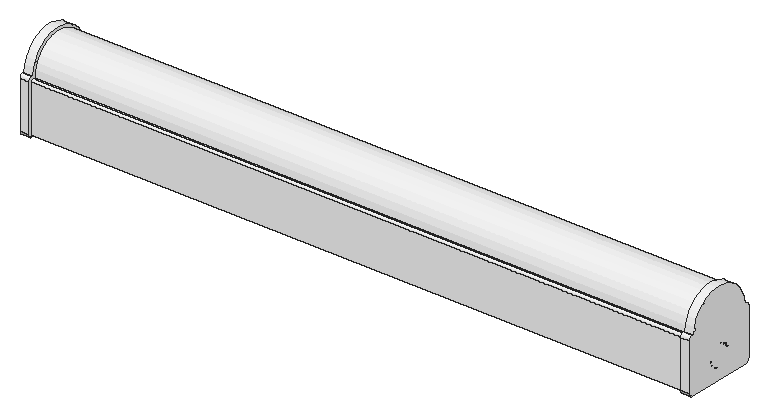
Revit family "0045171 Feilo Sylvania Lighting Fixture SYLBATTEN LED2 NW TP3", category Lighting Fixtures, host Face, Revit 2017
Family settings
  Host = Face
  Round Connector Dimension = Use Diameter
  Part Type = Normal
  OmniClass Number = 23.80.70.00
  OmniClass Title = Lighting
  Cut with Voids When Loaded = No
  Light Source = Yes
  Shared = No
  Room Calculation Point = No
Parameters (values of type "0045171 SYLBATTEN LED2 NW TP3")
  Width_FEILO = 66 mm
  Weight = "1.416 kg"
  Wattage Comments = "n/a"
  Wattage = 22 W
  WarrantyStartDate [instance] = "n/a"
  WarrantyGuarantorParts = "n/a"
  WarrantyDurationUnit = "n/a"
  WarrantyDurationParts = "n/a"
  WarrantyDescription = "n/a"
  built-in parameter 1150110 = 1 (stored number, unit not read)
  Voltage = 230 V
  URL = "http://www.sylvania-lighting.com"
  TypeName = "SYLBATTEN LED2 NW TP3"
  Type Image = <None>
  Type Comments = "n/a"
  built-in parameter 1114217 = 1 (stored number, unit not read)
  Tilt Angle = -90.00°
  built-in parameter 1150109 = 1 (stored number, unit not read)
  built-in parameter 1150134 = 12
  SymReflector_FEILO = no
  built-in parameter 1150113 = 1 (stored number, unit not read)
  SerialNumber [instance] = "n/a"
  PowerFactor = 0
  PowerConsumption = "22 W"
  Photometric Web File = "0045171.ies"
  NominalLength = 605 mm
  NominalHeight = 76 mm
  NominalDepth = 66 mm
  Name = "SYLBATTEN LED2 NW TP3"
  ModelReference = Name  # "SYLBATTEN LED2 NW TP3"
  ModelNumber = "0045171"
  Model = Name  # "SYLBATTEN LED2 NW TP3"
  Material_4_FEILO = Reflector-Sylvania-Sylbatten-White
  Material_3_FEILO = Diffuser-Sylvania-Sylbatten-Glow
  Material_2_FEILO = Body-Sylvania-Sylbatten-White
  Material_1_FEILO = Body-Sylvania-Sylbatten-White
  Material = "sheet steel housing, polycarbonate diffuser"
  ManufacturerName = "Feilo Sylvania"
  Manufacturer = "Feilo Sylvania"
  LuminousEfficacy = "105.8 lm/W"
  built-in parameter 1150105 = 185.26 (stored number, unit not read)
  Lumens = 2328.04 lm
  LuminaireType = ""
  built-in parameter 1150115 = 1 (stored number, unit not read)
  LightOutputRatio = "100"
  built-in parameter 1150137 = (empty or 0)
  built-in parameter 1150139 = (empty or 0)
  Length_FEILO = 605 mm
  LampsType = Lamp  # "LED"
  LampNominalLuminous = "2328 lm"
  LampMacAdamStep = "n/a"
  LampColourTemperature = "4000 K"
  LampColourRenderingIndex = "80"
  built-in parameter 1150112 = 1 (stored number, unit not read)
  built-in parameter 1150114 = 1 (stored number, unit not read)
  Lamp = "LED"
  Keynote = "16500"
  InstallationDate [instance] = "n/a"
  InputVoltage = "220-240V~"
  InputNominalFrequency = "n/a"
  built-in parameter 1150132 = (empty or 0)
  built-in parameter 1150102 = (empty or 0)
  built-in parameter 1150107 = 4000 (stored number, unit not read)
  built-in parameter 1150138 = (empty or 0)
  IngressProtection = "IP20"
  ImpactProtectionIndex = "IK07"
  built-in parameter 1150106 = 1.8526 (stored number, unit not read)
  IfcExportType = "IfcLightFixtureType"
  IfcExportAs = "IfcLightFixtureType"
  Height_FEILO = 76 mm
  ExpectedLife = 50000
  Emit from Rectangle Width = Length_FEILO - 16 mm  # 589 mm
  Emit from Rectangle Length = Width_FEILO - 40 mm  # 26 mm
  Emit Shape Visible in Rendering = no
  ElectricShockClassification = "Class I"
  built-in parameter 1150104 = 9.831 (stored number, unit not read)
  DurationUnit = "hours"
  DocumentationLiterature = "http://www.sylvania-lighting.com/product/en-int/products/0045171"
  DimmingControlOptions = "n/a"
  Dimming Lamp Color Temperature Shift = <None>
  Description = "LED batten, T8 replacement, ease of installation through 2 part push-in design of the housing (safety cable included), through wiring capability (TP3 = 3 core), sheet steel, 2328LM, 22W, 106lm/W, 4000K, drive current: 350mA, CRI 80, 138° wide beam angle, electronic driver (non dimmable), IP20, IK07, 50,000 hrs (L70), (LxWxH) 605x66x76mm, 5 step MacAdam ellipse, 1.8kg, white RAL9016, Class 1, 220-240V, energy class: A++, A+, A."
  Default Elevation = 1219.2 mm
  CreatedOn = "1/25/2018"
  CreatedBy = ""
  Cost = 0
  Color Filter = 16777215
  built-in parameter 1114216 [instance] = (empty or 0)
  ClassificationValue = "EF_70_80"
  ClassificationName = "Uniclass2015"
  CapOffset_FEILO = 2 mm
  BarCode [instance] = "n/a"
  built-in parameter 1114218 = 1 (stored number, unit not read)
  BackReflector_FEILO = and(not(AsymReflector_FEILO), SymReflector_FEILO)  # no
  built-in parameter 1150133 = 10 (stored number, unit not read)
  FrontReflector_FEILO = or(AsymReflector_FEILO, SymReflector_FEILO)  # no
  AsymReflector_FEILO = no
  AssetType = "Fixed"
  AssetIdentifier [instance] = "n/a"
  Assembly Code = "D5020200"
  Apparent Load = 22 VA
Reference planes
  plane 1 "Center (Front/Back)": y = 0
  plane 2: z = 0
  plane 3 "Center (Left/Right)": x = 0
  plane 4: x = 302.5
  plane 5: x = -302.5
  plane 6: y = 33
  plane 7: y = -33
  plane 8: z = 76
  plane 9: z = 47
  plane 10: y = -29
  plane 11: y = 29
  plane 12: z = 20
  plane 13: z = 74
  plane 14: y = -31
  plane 15: y = -27
  plane 16: y = 27
  plane 17: y = 31
  plane 18: z = 2
  plane 19: x = -294.5
  plane 20: x = 294.5
  plane 21: z = 49
  plane 22: y = 1
  plane 23: y = -1
  plane 24: z = 21
  plane 25: z = 19
  plane 26: y = -61
  plane 27: y = 61
  plane 28: y = -56
  plane 29: y = 56
  plane 30: z = 91
  plane 31: z = 88
Forms (mm)
  Extrusion 1, solid, material "Body-Sylvania-Sylbatten-White" <- "Material_2_FEILO"
    sketch origin (0, 0, 0) x (0, 1, 0) y (0, 0, 1)
      loop
        line (-31, 2) -> (31, 2) -> (31, 45)
        arc (31, 45) -> (30.414, 46.414) -> (29, 47) r 2
        line (29, 47) -> (27, 47)
        arc (27, 47) -> (0, 74) -> (-27, 47) r 27
        line (-27, 47) -> (-29, 47)
        arc (-29, 47) -> (-30.414, 46.414) -> (-31, 45) r 2
        line (-31, 45) -> (-31, 2)
    from -294.5 to 294.5
  Extrusion 2, solid, material "Body-Sylvania-Sylbatten-White" <- "Material_2_FEILO"
    sketch origin (302.5, 1524, 1219.2) x (0, 1, 0) y (0, 0, 1)
      loop
        arc (-1494, -1219.2) -> (-1491.879, -1218.321) -> (-1491, -1216.2) r 3
        line (-1491, -1216.2) -> (-1491, -1173.2)
        arc (-1491, -1173.2) -> (-1491.879, -1171.079) -> (-1494, -1170.2) r 3
        line (-1494, -1170.2) -> (-1495.069, -1170.2)
        arc (-1495.069, -1170.2) -> (-1524, -1143.2) -> (-1552.931, -1170.2) r 29
        line (-1552.931, -1170.2) -> (-1554, -1170.2)
        arc (-1554, -1170.2) -> (-1556.121, -1171.079) -> (-1557, -1173.2) r 3
        line (-1557, -1173.2) -> (-1557, -1216.2)
        arc (-1557, -1216.2) -> (-1556.121, -1218.321) -> (-1554, -1219.2) r 3
        line (-1554, -1219.2) -> (-1494, -1219.2)
      loop
        arc (-1525, -1189.25) -> (-1531.071, -1192.129) -> (-1533.95, -1198.2) r 10
        line (-1533.95, -1198.2) -> (-1532.944, -1198.2)
        arc (-1532.944, -1198.2) -> (-1530.364, -1192.836) -> (-1525, -1190.256) r 9
        line (-1525, -1190.256) -> (-1525, -1189.25)
      loop
        arc (-1523, -1190.256) -> (-1517.636, -1192.836) -> (-1515.056, -1198.2) r 9
        line (-1515.056, -1198.2) -> (-1514.05, -1198.2)
        arc (-1514.05, -1198.2) -> (-1516.929, -1192.129) -> (-1523, -1189.25) r 10
        line (-1523, -1189.25) -> (-1523, -1190.256)
      loop
        line (-1532.944, -1200.2) -> (-1533.95, -1200.2)
        arc (-1533.95, -1200.2) -> (-1531.071, -1206.271) -> (-1525, -1209.15) r 10
        line (-1525, -1209.15) -> (-1525, -1208.144)
        arc (-1525, -1208.144) -> (-1530.364, -1205.564) -> (-1532.944, -1200.2) r 9
      loop
        arc (-1515.056, -1200.2) -> (-1517.636, -1205.564) -> (-1523, -1208.144) r 9
        line (-1523, -1208.144) -> (-1523, -1209.15)
        arc (-1523, -1209.15) -> (-1516.929, -1206.271) -> (-1514.05, -1200.2) r 10
        line (-1514.05, -1200.2) -> (-1515.056, -1200.2)
    from 0 to -8
  Extrusion 3, solid, material "Body-Sylvania-Sylbatten-White" <- "Material_2_FEILO"
    sketch origin (-302.5, 1524, 1219.2) x (0, 1, 0) y (0, 0, 1)
      loop
        arc (-1495.069, -1170.2) -> (-1524, -1143.2) -> (-1552.931, -1170.2) r 29
        line (-1552.931, -1170.2) -> (-1554, -1170.2)
        arc (-1554, -1170.2) -> (-1556.121, -1171.079) -> (-1557, -1173.2) r 3
        line (-1557, -1173.2) -> (-1557, -1216.2)
        arc (-1557, -1216.2) -> (-1556.121, -1218.321) -> (-1554, -1219.2) r 3
        line (-1554, -1219.2) -> (-1494, -1219.2)
        arc (-1494, -1219.2) -> (-1491.879, -1218.321) -> (-1491, -1216.2) r 3
        line (-1491, -1216.2) -> (-1491, -1173.2)
        arc (-1491, -1173.2) -> (-1491.879, -1171.079) -> (-1494, -1170.2) r 3
        line (-1494, -1170.2) -> (-1495.069, -1170.2)
      loop
        line (-1533.95, -1198.2) -> (-1532.944, -1198.2)
        arc (-1532.944, -1198.2) -> (-1530.364, -1192.836) -> (-1525, -1190.256) r 9
        line (-1525, -1190.256) -> (-1525, -1189.25)
        arc (-1525, -1189.25) -> (-1531.071, -1192.129) -> (-1533.95, -1198.2) r 10
      loop
        line (-1523, -1189.25) -> (-1523, -1190.256)
        arc (-1523, -1190.256) -> (-1517.636, -1192.836) -> (-1515.056, -1198.2) r 9
        line (-1515.056, -1198.2) -> (-1514.05, -1198.2)
        arc (-1514.05, -1198.2) -> (-1516.929, -1192.129) -> (-1523, -1189.25) r 10
      loop
        line (-1514.05, -1200.2) -> (-1515.056, -1200.2)
        arc (-1515.056, -1200.2) -> (-1517.636, -1205.564) -> (-1523, -1208.144) r 9
        line (-1523, -1208.144) -> (-1523, -1209.15)
        arc (-1523, -1209.15) -> (-1516.929, -1206.271) -> (-1514.05, -1200.2) r 10
      loop
        line (-1525, -1209.15) -> (-1525, -1208.144)
        arc (-1525, -1208.144) -> (-1530.364, -1205.564) -> (-1532.944, -1200.2) r 9
        line (-1532.944, -1200.2) -> (-1533.95, -1200.2)
        arc (-1533.95, -1200.2) -> (-1531.071, -1206.271) -> (-1525, -1209.15) r 10
    from 0 to 8
  Extrusion 4, solid, material "Reflector-Sylvania-Sylbatten-White" <- "Material_4_FEILO", visible <- "FrontReflector_FEILO"
    sketch origin (0, 0, 0) x (0, 1, 0) y (0, 0, 1)
      loop
        line (-61.257, 88.429) -> (-60.743, 87.571) -> (-56.621, 90.044)
        arc (-56.621, 90.044) -> (-56.237, 90.099) -> (-55.929, 89.863) r 0.5
        line (-55.929, 89.863) -> (-31.435, 46.753) -> (-30.565, 47.247) -> (-55.312, 90.802)
        arc (-55.312, 90.802) -> (-55.928, 91.275) -> (-56.696, 91.165) r 1
        line (-56.696, 91.165) -> (-61.257, 88.429)
    from -294.5 to 294.5
  Extrusion 5, solid, material "Reflector-Sylvania-Sylbatten-White" <- "Material_4_FEILO", visible <- "BackReflector_FEILO"
    sketch origin (0, 0, 0) x (0, 1, 0) y (0, 0, 1)
      loop
        line (30.565, 47.247) -> (31.435, 46.753) -> (55.932, 89.868)
        arc (55.932, 89.868) -> (56.245, 90.112) -> (56.638, 90.062) r 0.518
        line (56.638, 90.062) -> (61.033, 87.565) -> (61.527, 88.435) -> (56.682, 91.188)
        arc (56.682, 91.188) -> (55.922, 91.282) -> (55.318, 90.812) r 1
        line (55.318, 90.812) -> (30.565, 47.247)
    from -294.5 to 294.5
Lines and regions (mm)
  reference lines
    curve 1: line (0, -61, 88) -> (0, -56, 91)
    curve 2: line (0, -56, 91) -> (0, -31, 47)
    curve 3: line (0, 31, 47) -> (0, 56, 91)
    curve 4: line (0, 56, 91) -> (0, 61.28, 88)
Dimensions and locks
  equal spacing: plane 5, plane 3 "Center (Left/Right)", plane 4
  equal spacing: plane 7, plane 1 "Center (Front/Back)", plane 6
  "Width_FEILO": plane 7 to plane 6
  "Length_FEILO": plane 5 to plane 4
  "Height_FEILO": plane 8 to plane 2
  locked: plane 9 to plane 8 at 29
  equal spacing: plane 10, plane 1 "Center (Front/Back)", plane 11
  locked: plane 7 to plane 10 at 4
  locked: plane 12 to plane 2 at 20
  "CapOffset_FEILO": plane 13 to plane 8
  "CapOffset_FEILO": plane 7 to plane 14
  "CapOffset_FEILO": plane 10 to plane 15
  "CapOffset_FEILO": plane 17 to plane 6
  "CapOffset_FEILO": plane 16 to plane 11
  "CapOffset_FEILO": plane 18 to plane 2
  locked: plane 14 to Extrusion 1 sketch curve at 2
  locked: Extrusion 1 sketch curve to plane 9 at 2  (x2)
  locked: plane 16 to Extrusion 1 sketch curve at 2
  equal spacing: plane 19, plane 3 "Center (Left/Right)", plane 20
  locked: plane 5 to plane 19 at 8
  "CapOffset_FEILO": plane 9 to plane 21
  locked: Extrusion 2 sketch curve to plane 2 at 47
  locked: Extrusion 1 sketch curve to plane 2 at 47
  locked: Extrusion 2 sketch curve to plane 2 at 3  (x2)
  locked: plane 7 to Extrusion 2 sketch curve at 3  (x2)
  locked: Extrusion 2 sketch curve to plane 6 at 3  (x2)
  locked: Extrusion 2 sketch curve to plane 21 at 3  (x2)
  equal spacing: plane 23, plane 1 "Center (Front/Back)", plane 22
  equal spacing: plane 25, plane 12, plane 24
  plane 30 to plane 31 to plane 2 = 3 mm locked, 88 mm locked
  plane 28 to plane 29 = 112 mm
  plane 26 to plane 27 = 122 mm
  aligned and locked: plane 2 to host face
  aligned and locked: level to host face
  aligned and locked: plane 18 to Extrusion 1 sketch curve
  aligned and locked: plane 14 to Extrusion 1 sketch curve
  aligned and locked: Extrusion 1 sketch curve to plane 9  (x2)
  aligned and locked: Extrusion 1 sketch curve to plane 17
  aligned and locked: plane 15 to Extrusion 1 sketch curve
  aligned and locked: plane 16 to Extrusion 1 sketch curve
  aligned and locked: plane 9 to Extrusion 1 sketch curve
  aligned and locked: plane 20 to Extrusion 1
  aligned and locked: level to Extrusion 2 sketch curve
  aligned and locked: Extrusion 2 sketch curve to plane 7
  aligned and locked: plane 21 to Extrusion 2 sketch curve
  aligned and locked: Extrusion 2 sketch curve to plane 21
  aligned and locked: plane 1 "Center (Front/Back)" to Extrusion 2 sketch curve  (x3)
  aligned and locked: Extrusion 2 to Extrusion 1
  aligned and locked: plane 4 to Extrusion 2
  aligned and locked: plane 12 to Extrusion 2 sketch curve  (x2)
  aligned and locked: Extrusion 2 sketch curve to plane 22
  aligned and locked: Extrusion 2 sketch curve to plane 23
  aligned and locked: Extrusion 2 sketch curve to plane 24
  aligned and locked: Extrusion 2 sketch curve to plane 25
  aligned and locked: plane 25 to Extrusion 2 sketch curve
  aligned and locked: plane 22 to Extrusion 2 sketch curve
  aligned and locked: plane 24 to Extrusion 2 sketch curve
  aligned and locked: plane 23 to Extrusion 2 sketch curve  (x2)
  aligned and locked: Extrusion 3 sketch curve to Extrusion 2  (x22)
  aligned and locked: Extrusion 3 to Extrusion 1
  aligned and locked: Extrusion 3 to plane 5
  aligned and locked: plane 19 to Extrusion 3
  aligned and locked: plane 31 to curve 1
  aligned and locked: plane 30 to curve 1
  aligned and locked: plane 14 to curve 2
  aligned and locked: plane 9 to curve 2
  aligned and locked: plane 17 to curve 3
  aligned and locked: plane 30 to curve 3
  aligned and locked: plane 31 to curve 4
  aligned and locked: Extrusion 4 sketch curve to curve 2
  aligned and locked: Extrusion 4 sketch curve to curve 1
  aligned and locked: Extrusion 4 to Extrusion 1
  aligned and locked: Extrusion 1 to Extrusion 4
  aligned and locked: imposter light to plane 1 "Center (Front/Back)"
  aligned and locked: imposter light to plane 3 "Center (Left/Right)"
  aligned and locked: imposter light to plane 13
  aligned and locked: Extrusion 5 sketch curve to curve 4
  aligned and locked: Extrusion 5 sketch curve to curve 3
  aligned and locked: Extrusion 1 to Extrusion 5
  aligned and locked: Extrusion 5 to Extrusion 1
Automatic sketch dimensions
  host sketch curve to host sketch curve = 2438.4 mm  (x2)
  Extrusion 2 sketch curve to Extrusion 2 sketch curve = 0 mm  (x14)
  Extrusion 2 sketch curve to plane 10 = 0.069 mm
  plane 23 to Extrusion 2 sketch curve = 8.95 mm
  Extrusion 2 sketch curve to Extrusion 2 sketch curve = 1.006 mm  (x4)
  Extrusion 2 sketch curve to plane 22 = 7.944 mm
  curve 1 to plane 26 = 0 mm
  curve 2 to plane 28 = 0 mm
  curve 4 to plane 29 = 0 mm
  plane 9 to curve 3 = 0 mm
  plane 26 to Extrusion 4 sketch curve = 0.257 mm
  Extrusion 4 sketch curve to plane 26 = 0.257 mm
  Extrusion 4 sketch curve to plane 30 = 0.165 mm
  plane 28 to Extrusion 4 sketch curve = 0.696 mm
  plane 28 to Extrusion 4 sketch curve = 0.621 mm
  plane 28 to Extrusion 4 sketch curve = 0.364 mm
  plane 28 to Extrusion 4 sketch curve = 0.182 mm
  Extrusion 4 sketch curve to plane 28 = 0.071 mm
  plane 30 to Extrusion 4 sketch curve = 0.198 mm
  Extrusion 4 sketch curve to plane 28 = 0.688 mm
  plane 9 to Extrusion 4 sketch curve = 0.247 mm
  plane 1 "Center (Front/Back)" to Extrusion 4 sketch curve = 31.435 mm
  Extrusion 5 sketch curve to plane 9 = 0.247 mm
  Extrusion 5 sketch curve to plane 1 "Center (Front/Back)" = 30.565 mm
  plane 9 to Extrusion 5 sketch curve = 0.247 mm
  plane 30 to Extrusion 5 sketch curve = 0.188 mm
  plane 29 to Extrusion 5 sketch curve = 0.068 mm
  Extrusion 5 sketch curve to plane 29 = 0.188 mm
  Extrusion 5 sketch curve to plane 29 = 0.382 mm
  Extrusion 5 sketch curve to Extrusion 5 sketch curve = 0.256 mm
  Extrusion 5 sketch curve to plane 30 = 0.188 mm
  Extrusion 5 sketch curve to plane 29 = 0.682 mm
  Extrusion 5 sketch curve to plane 27 = 0.033 mm
  Extrusion 5 sketch curve to plane 27 = 0.527 mm
Connectors
  electrical at (0, 0, 0), driven by "Apparent Load", driven by "PowerFactor", driven by "Voltage"
    settings: index 1, voltage 230 V, apparent load 22 VA, apparent load phase1 0 VA, apparent load phase2 0 VA, apparent load phase3 0 VA, power factor 0, load classification "Lighting", number of poles 1, system type 30, power factor state 1, is connector primary yes, connector utility no, sub classification motor no, connector description ""
